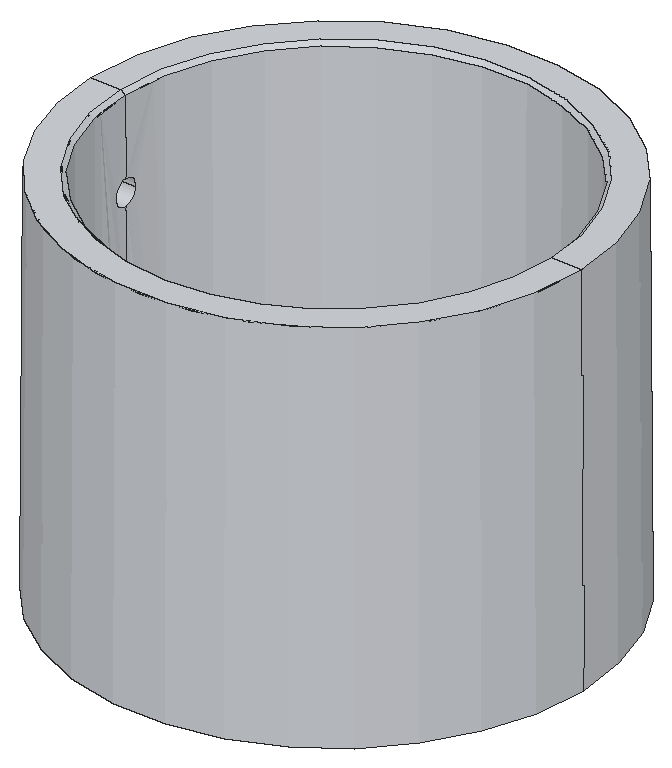
Revit family "Кольцо 1000х890 без замка КС 10.9", category Обобщенные модели, Revit 2023
Family settings
  Может служить основой для арматурных стержней = Нет
  Размер круглого соединителя = Использовать диаметр
  Тип детали = Нормальный
  На основе рабочей плоскости = Нет
  Всегда вертикально = Да
  При загрузке вырезать с полостями = Нет
  Сохранять ориентацию аннотаций = Нет
  Общий = Нет
  Точка принадлежности помещению = Нет
Parameters (values of type "Кольцо 1000х890 без замка КС 10.9")
  фаска = 10 mm
  толщ_на_h2_расч = (t1 - t2) / 2 * (h1 + h2) / ADSK_Размер_Высота + 10 mm  # 13.792 mm
  толщ_на_h1_расч = (t1 - t2) / 2 * h1 / ADSK_Размер_Высота + 10 mm  # 12.079 mm
  сужение_низ = 5 mm
  вырез2 = yes
  вырез1 = yes
  Отметка по умолчанию = 0 mm
  t2 = 80 mm
  t1 = 90 mm
  h2 = 305 mm
  h1 = 370 mm
  ADSK_Размер_Диаметр = 1000 mm
  ADSK_Размер_Высота = 890 mm
  ADSK_Масса = 634
Reference planes
  plane 1 "По центру (Вперед/Назад)": y = 0
  plane 2: z = 0
  plane 3 "По центру (Влево/Вправо)": x = 0
  plane 4: x = 500
  plane 5: x = -500
  plane 6: y = 500
  plane 7: y = -500
  plane 8: z = 890
  plane 9: x = -585
  plane 10: x = 585
  plane 11: y = 585
  plane 12: y = -585
  plane 13: y = 580
  plane 14: y = -580
  plane 15: x = -580
  plane 16: x = 580
  plane 17: z = 370
  plane 18: z = 675
  plane 19: y = 495
  plane 20: y = -495
  plane 21: x = -495
  plane 22: x = 495
  plane 23: x = -571.208
  plane 24: x = -572.921
  plane 25: x = 571.208
  plane 26: x = 572.921
  plane 27: x = -510
  plane 28: z = 880
Forms (mm)
  Extrusion 1, void, detail levels medium+fine
    sketch origin (0, 0, 0) x (0, -1, 0) y (0, 0, 1)
      loop
        circle (0, 675) r 30
    from -571.208 to 571.208
  Extrusion 2, void, detail levels medium+fine
    sketch origin (0, 0, 0) x (0, -1, 0) y (0, 0, 1)
      loop
        circle (0, 370) r 30
    from -572.921 to 572.921
  Revolve 3, solid
    sketch origin (0, 0, 0) x (1, 0, 0) y (0, 0, 1)
      loop
        line (-585, 0) -> (-495, 0) -> (-500, 880) -> (-510, 890) -> (-580, 890) -> (-585, 0)
      axis (0, 890) -> (0, 0)
    angle from 0 to 360
Cuts and joins
  Extrusion 1, Extrusion 2 cuts Revolve 3
Dimensions and locks
  equal spacing: plane 5, plane 3 "По центру (Влево/Вправо)", plane 4
  equal spacing: plane 7, plane 1 "По центру (Вперед/Назад)", plane 6
  "ADSK_Размер_Диаметр": plane 5 to plane 4
  "ADSK_Размер_Диаметр": plane 7 to plane 6
  "t1": plane 9 to plane 21
  "t1": plane 22 to plane 10
  "t2": plane 6 to plane 13
  "t2": plane 14 to plane 7
  "t2": plane 15 to plane 5
  "t2": plane 4 to plane 16
  "h1": plane 17 to level
  "h2": plane 18 to plane 17
  "ADSK_Размер_Высота": plane 8 to level
  "сужение_низ": plane 5 to plane 21
  "сужение_низ": plane 22 to plane 4
  "сужение_низ": plane 19 to plane 6
  "сужение_низ": plane 7 to plane 20
  "t1": plane 12 to plane 20
  "t1": plane 19 to plane 11
  "толщ_на_h2_расч": plane 23 to plane 9
  "толщ_на_h1_расч": plane 24 to plane 9
  "толщ_на_h2_расч": plane 10 to plane 25
  "толщ_на_h1_расч": plane 10 to plane 26
  "фаска": plane 8 to plane 28
  "фаска": plane 5 to plane 27
  aligned and locked: level to plane 2
  aligned and locked: Extrusion 1 to plane 23
  aligned and locked: Extrusion 2 to plane 24
  aligned and locked: plane 25 to Extrusion 1
  aligned and locked: plane 26 to Extrusion 2
Automatic sketch dimensions
  Extrusion 1 sketch curve to plane 1 "По центру (Вперед/Назад)" = 0 mm
  Extrusion 1 sketch curve to plane 18 = 0 mm
  Extrusion 2 sketch curve to plane 1 "По центру (Вперед/Назад)" = 0 mm
  Extrusion 2 sketch curve to plane 17 = 0 mm
  Revolve 3 sketch curve to level = 0 mm
  Revolve 3 sketch curve to plane 9 = 0 mm
  Revolve 3 sketch curve to plane 8 = 0 mm
  Revolve 3 sketch curve to plane 15 = 0 mm
  Revolve 3 sketch curve to plane 27 = 0 mm
  Revolve 3 sketch curve to plane 5 = 0 mm
  Revolve 3 sketch curve to plane 21 = 0 mm
  Revolve 3 sketch curve to plane 28 = 0 mm
  radius of Extrusion 1 sketch curve = 30 mm
  radius of Extrusion 2 sketch curve = 30 mm
